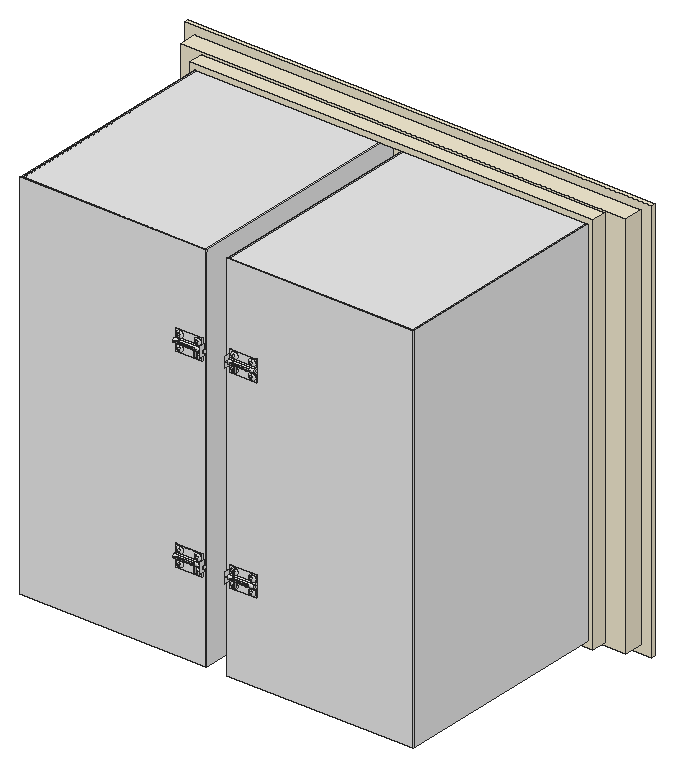
Revit family "4C-7_Door_High_Units_RL.rfa", category Specialty Equipment, host Wall, Revit 2016 (continued)
Definition of nested family "3700 Series 4C OM2 Configuration"
  Automatic sketch dimensions
    Extrusion 1 sketch curve to plane 13 "Face of Lock" = 0.12063"
    Extrusion 5 sketch curve to plane 11 "Center Lock Vertical" = 0.0293"
    plane 11 "Center Lock Vertical" to Extrusion 5 sketch curve = 0.0293"
    Extrusion 5 sketch curve to plane 9 = 0.30959"
    plane 9 to Extrusion 5 sketch curve = 0.30959"
    plane 16 "Left Stud Align" to Blend 6 sketch curve = 0.000"  (x2)
    Blend 6 sketch curve to plane 18 "Top Stud Align" = 0.000"  (x2)
    plane 17 "Right Stud Align" to Blend 7 sketch curve = 0.000"  (x2)
    Blend 7 sketch curve to plane 18 "Top Stud Align" = 0.000"  (x2)
    plane 16 "Left Stud Align" to Blend 8 sketch curve = 0.000"  (x2)
    Blend 8 sketch curve to plane 19 "Bottom Stud Align" = 0.000"  (x2)
    plane 17 "Right Stud Align" to Blend 9 sketch curve = 0.000"  (x2)
    Blend 9 sketch curve to plane 19 "Bottom Stud Align" = 0.000"  (x2)
    Blend 10 sketch curve to plane 18 "Top Stud Align" = 0.000"  (x2)
    plane 20 "Hinge Stud Align" to Blend 10 sketch curve = 0.000"  (x2)
    Blend 11 sketch curve to plane 19 "Bottom Stud Align" = 0.000"  (x2)
    plane 20 "Hinge Stud Align" to Blend 11 sketch curve = 0.000"  (x2)
    plane 24 to Extrusion 12 sketch curve = 0.000"
    Extrusion 12 sketch curve to plane 22 "Mail Plate Bottom" = 0.000"
    Extrusion 12 sketch curve to plane 21 "Mail Plate Top" = 0.000"
    plane 23 to Extrusion 12 sketch curve = 0.000"
    plane 24 to Extrusion 12 sketch curve = 0.19922"  (x2)
    plane 18 "Top Stud Align" to Extrusion 12 sketch curve = 0.14478"
    Extrusion 12 sketch curve to plane 23 = 0.19922"
    Extrusion 13 sketch curve to plane 5 "Right Side Face of Door" = 0.000"
    Extrusion 13 sketch curve to plane 4 "Left Side Face of Door" = 0.000"
    Extrusion 13 sketch curve to plane 6 "Back Face of Door" = 0.000"
    Extrusion 13 sketch curve to plane 7 "Front Face of Door" = 0.193"
    Extrusion 14 sketch curve to plane 30 "Bottom of Mail Slot" = 0.000"
    plane 32 "Right Edge of Mail Slot" to Extrusion 14 sketch curve = 0.375"
    Extrusion 14 sketch curve to plane 31 "Left Edge of Mail Slot" = 0.375"
    Extrusion 15 sketch curve to plane 35 = 0.000"
    Extrusion 15 sketch curve to plane 33 "Mail Slot Bottom Protusion" = 0.000"
    Extrusion 15 sketch curve to plane 34 = 0.000"
    Extrusion 15 sketch curve to plane 27 "Top of Mail Drop Divider" = 0.000"
    Extrusion 15 sketch curve to plane 6 "Back Face of Door" = 0.000"
    plane 26 "Top of Mail Drop Door" to Extrusion 15 sketch curve = 0.07158"
    Extrusion 15 sketch curve to plane 34 = 0.24578"
    plane 26 "Top of Mail Drop Door" to Extrusion 15 sketch curve = 0.09984"
    Extrusion 15 sketch curve to Extrusion 15 sketch curve = 0.01632"
    plane 37 to Extrusion 15 sketch curve = 0.05062"
    Extrusion 15 sketch curve to plane 33 "Mail Slot Bottom Protusion" = 0.01599"
    plane 33 "Mail Slot Bottom Protusion" to Extrusion 15 sketch curve = 0.01227"
    plane 36 "Front of Awning" to Extrusion 15 sketch curve = 0.17915"
    plane 35 to Extrusion 15 sketch curve = 0.02246"
    Extrusion 15 sketch curve to Extrusion 15 sketch curve = 0.0724"
    plane 36 "Front of Awning" to Extrusion 15 sketch curve = 0.04696"
    plane 36 "Front of Awning" to Extrusion 15 sketch curve = 0.02469"
    plane 36 "Front of Awning" to Extrusion 15 sketch curve = 0.00781"
    Extrusion 15 sketch curve to Extrusion 15 sketch curve = 0.05983"
    Extrusion 4 sketch curve to plane 9 = 0.000"
    plane 11 "Center Lock Vertical" to Extrusion 4 sketch curve = 0.000"
    Extrusion 3 sketch curve to plane 9 = 0.000"
    plane 11 "Center Lock Vertical" to Extrusion 3 sketch curve = 0.000"
    radius of Blend 6 sketch curve = 0.15665"
    radius of Blend 6 sketch curve = 0.3125"
    radius of Blend 7 sketch curve = 0.15665"
    radius of Blend 7 sketch curve = 0.3125"
    radius of Blend 8 sketch curve = 0.15665"
    radius of Blend 8 sketch curve = 0.3125"
    radius of Blend 9 sketch curve = 0.15665"
    radius of Blend 9 sketch curve = 0.3125"
    radius of Blend 10 sketch curve = 0.15665"
    radius of Blend 10 sketch curve = 0.3125"
    radius of Blend 11 sketch curve = 0.15665"
    radius of Blend 11 sketch curve = 0.3125"
    radius of Extrusion 4 sketch curve = 0.42913"
    radius of Extrusion 3 sketch curve = 0.4375"
Definition of nested family "4C Latch Lock-Right"
  Parameters (values of type "Lock Latch")
    Width = 1.750"
    Type Comments = "Lock Latch for Aluminum Mailboxes"
    Visible Latch = yes
    Manufacturer = "Salsbury Industries"
    Height = 1.375"
    Depth = 0.244"
    Back Enclosure Material = none
  Reference planes (in)
    plane 1 "Center (Front/Back)": y = 0
    plane 2 "left": z = 0
    plane 3 "Center (Left/Right)": x = 0
    plane 4 "top": x = -0.875
    plane 5 "bottom": x = 0.875
    plane 6 "Front": y = 0.122
    plane 7 "Back": y = -0.122
    plane 8 "Vertical Center": z = 0.6875
    plane 9 "right": z = 1.375
    plane 10: x = -1
    plane 11: x = -1.125
  Forms (in)
    Extrusion 1, solid, material <- "Back Enclosure Material", visible <- "Visible Latch"
      sketch origin (-0.67187, 0, 0.67188) x (0, 0, -1) y (0, 1, 0)
        loop
          line (-0.22131, -0.0902) -> (-0.70312, -0.0902) -> (-0.70312, -0.12209) -> (-0.22129, -0.12209)
          arc (-0.22129, -0.12209) -> (-0.1389, -0.08579) -> (-0.11009, -0.00048) r 0.11165
          arc (-0.11009, -0.00048) -> (-0.01599, 0.09362) -> (0.07812, -0.00048) r 0.09411
          arc (0.07812, -0.00048) -> (0.10866, -0.08591) -> (0.19189, -0.122) r 0.11401
          line (0.19189, -0.122) -> (0.67187, -0.122) -> (0.67187, -0.08954) -> (0.19205, -0.08954)
          arc (0.19205, -0.08954) -> (0.13091, -0.06294) -> (0.10869, -0.00006) r 0.08357
          arc (0.10869, -0.00006) -> (-0.01625, 0.12487) -> (-0.14118, -0.00006) r 0.12494
          arc (-0.14118, -0.00006) -> (-0.16101, -0.06312) -> (-0.22131, -0.0902) r 0.08069
      from -0.20313 to 1.54687
    Extrusion 2, void
      sketch origin (-0.86719, 0.122, 0.78906) x (0, 0, -1) y (1, 0, 0)
        loop
          line (0.02064, 1.43976) -> (0.02064, 0.31562) -> (0.29045, 0.31562) -> (0.29045, 0.47278) -> (0.12796, 0.47278) -> (0.12796, 1.28526) -> (0.27447, 1.28526) -> (0.27447, 1.43976) -> (0.02064, 1.43976)
      from -0.01091 to 0.1442
    Blend 3, solid, material <- "Back Enclosure Material", visible <- "Visible Latch"
      base sketch origin (-0.95312, 0.122, 0.96875) x (0, 0, -1) y (1, 0, 0)
        loop
          circle (-0.1252, 1.55349) r 0.1
      top sketch origin (-0.95312, 0.122, 0.96875) x (0, 0, -1) y (1, 0, 0)
        loop
          circle (-0.1252, 1.55349) r 0.215
      from 0.16742 to 0.21154
    Blend 4, solid, material <- "Back Enclosure Material", visible <- "Visible Latch"
      base sketch origin (-0.95312, 0.122, -0.54015) x (0, 0, -1) y (1, 0, 0)
        loop
          circle (-0.8037, 1.55349) r 0.1
      top sketch origin (-0.95312, 0.122, -0.54015) x (0, 0, -1) y (1, 0, 0)
        loop
          circle (-0.8037, 1.55349) r 0.215
      from 0.16742 to 0.21154
    Blend 5, solid, material <- "Back Enclosure Material", visible <- "Visible Latch"
      base sketch origin (-1.95312, 0.122, 0.96875) x (0, 0, -1) y (1, 0, 0)
        loop
          circle (-0.1252, 1.36599) r 0.1
      top sketch origin (-1.95312, 0.122, 0.96875) x (0, 0, -1) y (1, 0, 0)
        loop
          circle (-0.1252, 1.36599) r 0.215
      from 0.16742 to 0.21154
    Blend 6, solid, material <- "Back Enclosure Material", visible <- "Visible Latch"
      base sketch origin (-1.95312, 0.122, -0.55578) x (0, 0, -1) y (1, 0, 0)
        loop
          circle (-0.8037, 1.36599) r 0.1
      top sketch origin (-1.95312, 0.122, -0.55578) x (0, 0, -1) y (1, 0, 0)
        loop
          circle (-0.8037, 1.36599) r 0.215
      from 0.16742 to 0.21154
    Extrusion 7, solid, material <- "Back Enclosure Material", visible <- "Visible Latch"
      sketch origin (-1.22585, -7.77812, 0.87452) x (0, 0, -1) y (0, 1, 0)
        loop
          circle (0.18702, 7.77784) r 0.09014
      from 0.10085 to 2.10085
    Extrusion 8, solid, material <- "Back Enclosure Material", visible <- "Visible Latch"
      sketch origin (-0.59584, -7.78798, 0.67188) x (1, 0, 0) y (0, 1, 0)
        loop
          circle (0.12087, 7.81979) r 0.05
      from 0.01562 to -0.5
    Extrusion 9, solid, material <- "Back Enclosure Material", visible <- "Visible Latch"
      sketch origin (-1.09375, -0.02845, 1.02999) x (0, 0, -1) y (1, 0, 0)
        loop
          line (0.68574, 0.09375) -> (0.68574, 0.12475) -> (-0.00176, 0.12475) -> (-0.00176, 0.09375) -> (0.68574, 0.09375)
      from -0.25 to 0.09355
    Extrusion 10, void
      sketch origin (-0.969, -7.77845, 0.87437) x (0, 0, -1) y (0, -1, 0)
        loop
          circle (0.18637, -7.77776) r 0.09325
      from 0 to 0.031
  Cuts and joins
    Extrusion 2 cuts Extrusion 1
    Extrusion 10 cuts Extrusion 9
  Dimensions and locks (in)
    equal spacing: plane 7 "Back", plane 1 "Center (Front/Back)", plane 6 "Front"
    "Depth": plane 7 "Back" to plane 6 "Front"
    equal spacing: plane 4 "top", plane 3 "Center (Left/Right)", plane 5 "bottom"
    "Width": plane 4 "top" to plane 5 "bottom"
    equal spacing: plane 9 "right", plane 8 "Vertical Center", plane 2 "left"
    "Height": plane 9 "right" to plane 2 "left"
    plane 10 to plane 4 "top" = 0.125"
    plane 11 to plane 4 "top" = 0.250"
    plane 10 to plane 11 = 0.125"
    aligned and locked: level to plane 2 "left"
  Automatic sketch dimensions
    Extrusion 1 sketch curve to plane 7 "Back" = 0.000"
    Extrusion 1 sketch curve to plane 7 "Back" = 0.0318"
    plane 9 "right" to Extrusion 1 sketch curve = 0.000"
    Extrusion 1 sketch curve to plane 8 "Vertical Center" = 0.20569"
    plane 7 "Back" to Extrusion 1 sketch curve = 0.00009"
    Extrusion 1 sketch curve to plane 8 "Vertical Center" = 0.20567"
    plane 1 "Center (Front/Back)" to Extrusion 1 sketch curve = 0.00006"
    Extrusion 1 sketch curve to plane 8 "Vertical Center" = 0.00062"
    Extrusion 1 sketch curve to Extrusion 1 sketch curve = 0.00026"
    Extrusion 1 sketch curve to Extrusion 1 sketch curve = 0.20788"
    Extrusion 1 sketch curve to Extrusion 1 sketch curve = 0.00016"
    Extrusion 1 sketch curve to level = 0.000"
    Extrusion 1 sketch curve to plane 7 "Back" = 0.03246"
    plane 1 "Center (Front/Back)" to Extrusion 1 sketch curve = 0.01045"
    Extrusion 1 sketch curve to Extrusion 1 sketch curve = 0.00094"
    Extrusion 1 sketch curve to Extrusion 1 sketch curve = 0.00201"
    Extrusion 2 sketch curve to plane 8 "Vertical Center" = 0.08092"
    plane 5 "bottom" to Extrusion 2 sketch curve = 0.45693"
    plane 8 "Vertical Center" to Extrusion 2 sketch curve = 0.0264"
    Extrusion 2 sketch curve to Extrusion 2 sketch curve = 0.16249"
    Extrusion 2 sketch curve to Extrusion 2 sketch curve = 0.14651"
    Extrusion 2 sketch curve to plane 3 "Center (Left/Right)" = 0.3944"
    Extrusion 2 sketch curve to plane 4 "top" = 0.32343"
    plane 5 "bottom" to Extrusion 2 sketch curve = 0.30243"
    plane 5 "bottom" to Blend 3 sketch curve = 0.27463"  (x2)
    Blend 3 sketch curve to plane 8 "Vertical Center" = 0.40645"  (x2)
    plane 5 "bottom" to Blend 4 sketch curve = 0.27463"  (x2)
    level to Blend 4 sketch curve = 0.26355"  (x2)
    Blend 5 sketch curve to plane 8 "Vertical Center" = 0.40645"  (x2)
    Blend 5 sketch curve to plane 3 "Center (Left/Right)" = 0.58713"  (x2)
    level to Blend 6 sketch curve = 0.24792"  (x2)
    Blend 6 sketch curve to plane 3 "Center (Left/Right)" = 0.58713"  (x2)
    plane 1 "Center (Front/Back)" to Extrusion 7 sketch curve = 0.00028"
    plane 8 "Vertical Center" to Extrusion 7 sketch curve = 0.000"
    Extrusion 8 sketch curve to plane 1 "Center (Front/Back)" = 0.03181"
    Extrusion 8 sketch curve to plane 4 "top" = 0.40003"
    Extrusion 9 sketch curve to plane 8 "Vertical Center" = 0.34425"
    level to Extrusion 9 sketch curve = 0.34425"
    plane 4 "top" to Extrusion 9 sketch curve = 0.125"
    Extrusion 9 sketch curve to Extrusion 9 sketch curve = 0.031"
    plane 1 "Center (Front/Back)" to Extrusion 10 sketch curve = 0.0007"
    Extrusion 10 sketch curve to plane 8 "Vertical Center" = 0.0005"
    radius of Blend 3 sketch curve = 0.100"
    radius of Blend 3 sketch curve = 0.215"
    radius of Blend 4 sketch curve = 0.100"
    radius of Blend 4 sketch curve = 0.215"
    radius of Blend 5 sketch curve = 0.100"
    radius of Blend 5 sketch curve = 0.215"
    radius of Blend 6 sketch curve = 0.100"
    radius of Blend 6 sketch curve = 0.215"
    radius of Extrusion 7 sketch curve = 0.09014"
    radius of Extrusion 8 sketch curve = 0.050"
    radius of Extrusion 10 sketch curve = 0.09325"
Definition of nested family "4C Latch Lock-Left"
  Parameters (values of type "Lock Latch")
    Width = 1.750"
    Type Comments = "Lock Latch for Aluminum Mailboxes"
    Visible Latch = yes
    Manufacturer = "Salsbury Industries"
    Height = 1.375"
    Depth = 0.244"
    Back Enclosure Material = none
  Reference planes (in)
    plane 1 "Center (Front/Back)": y = 0
    plane 2 "left": z = 0
    plane 3 "Center (Left/Right)": x = 0
    plane 4 "top": x = -0.875
    plane 5 "bottom": x = 0.875
    plane 6 "Front": y = 0.122
    plane 7 "Back": y = -0.122
    plane 8 "Vertical Center": z = 0.6875
    plane 9 "right": z = 1.375
    plane 10: x = 1
    plane 11: x = 1.125
  Forms (in)
    Extrusion 1, solid, material <- "Back Enclosure Material", visible <- "Visible Latch"
      sketch origin (-0.67187, 0, 0.67188) x (0, 0, -1) y (0, 1, 0)
        loop
          line (-0.22131, -0.0902) -> (-0.70312, -0.0902) -> (-0.70312, -0.12209) -> (-0.22129, -0.12209)
          arc (-0.22129, -0.12209) -> (-0.1389, -0.08579) -> (-0.11009, -0.00048) r 0.11165
          arc (-0.11009, -0.00048) -> (-0.01599, 0.09362) -> (0.07812, -0.00048) r 0.09411
          arc (0.07812, -0.00048) -> (0.10866, -0.08591) -> (0.19189, -0.122) r 0.11401
          line (0.19189, -0.122) -> (0.67187, -0.122) -> (0.67187, -0.08954) -> (0.19205, -0.08954)
          arc (0.19205, -0.08954) -> (0.13091, -0.06294) -> (0.10869, -0.00006) r 0.08357
          arc (0.10869, -0.00006) -> (-0.01625, 0.12487) -> (-0.14118, -0.00006) r 0.12494
          arc (-0.14118, -0.00006) -> (-0.16101, -0.06312) -> (-0.22131, -0.0902) r 0.08069
      from -0.20313 to 1.54687
    Extrusion 2, void
      sketch origin (-0.86719, 0.122, 0.78906) x (0, 0, -1) y (1, 0, 0)
        loop
          line (0.02064, 1.43976) -> (0.02064, 0.31562) -> (0.29045, 0.31562) -> (0.29045, 0.47278) -> (0.12796, 0.47278) -> (0.12796, 1.28526) -> (0.27447, 1.28526) -> (0.27447, 1.43976) -> (0.02064, 1.43976)
      from -0.01091 to 0.1442
    Blend 3, solid, material <- "Back Enclosure Material", visible <- "Visible Latch"
      base sketch origin (-0.95312, 0.122, 0.96875) x (0, 0, -1) y (1, 0, 0)
        loop
          circle (-0.1252, 1.55349) r 0.1
      top sketch origin (-0.95312, 0.122, 0.96875) x (0, 0, -1) y (1, 0, 0)
        loop
          circle (-0.1252, 1.55349) r 0.215
      from 0.16742 to 0.21154
    Blend 4, solid, material <- "Back Enclosure Material", visible <- "Visible Latch"
      base sketch origin (-0.95312, 0.122, -0.54015) x (0, 0, -1) y (1, 0, 0)
        loop
          circle (-0.8037, 1.55349) r 0.1
      top sketch origin (-0.95312, 0.122, -0.54015) x (0, 0, -1) y (1, 0, 0)
        loop
          circle (-0.8037, 1.55349) r 0.215
      from 0.16742 to 0.21154
    Blend 5, solid, material <- "Back Enclosure Material", visible <- "Visible Latch"
      base sketch origin (-1.95312, 0.122, 0.96875) x (0, 0, -1) y (1, 0, 0)
        loop
          circle (-0.1252, 1.36599) r 0.1
      top sketch origin (-1.95312, 0.122, 0.96875) x (0, 0, -1) y (1, 0, 0)
        loop
          circle (-0.1252, 1.36599) r 0.215
      from 0.16742 to 0.21154
    Blend 6, solid, material <- "Back Enclosure Material", visible <- "Visible Latch"
      base sketch origin (-1.95312, 0.122, -0.55578) x (0, 0, -1) y (1, 0, 0)
        loop
          circle (-0.8037, 1.36599) r 0.1
      top sketch origin (-1.95312, 0.122, -0.55578) x (0, 0, -1) y (1, 0, 0)
        loop
          circle (-0.8037, 1.36599) r 0.215
      from 0.16742 to 0.21154
    Extrusion 7, solid, material <- "Back Enclosure Material", visible <- "Visible Latch"
      sketch origin (-1.22585, -7.77812, 0.87452) x (0, 0, -1) y (0, 1, 0)
        loop
          circle (0.18702, 7.77784) r 0.09014
      from 0.35085 to 2.35085
    Extrusion 8, solid, material <- "Back Enclosure Material", visible <- "Visible Latch"
      sketch origin (0.37291, -7.78798, 0.67188) x (1, 0, 0) y (0, 1, 0)
        loop
          circle (0.12087, 7.81979) r 0.05
      from 0.01562 to -0.5
    Extrusion 9, solid, material <- "Back Enclosure Material", visible <- "Visible Latch"
      sketch origin (0.87525, -0.02845, 1.02999) x (0, 0, -1) y (1, 0, 0)
        loop
          line (0.68574, 0.09375) -> (0.68574, 0.12475) -> (-0.00176, 0.12475) -> (-0.00176, 0.09375) -> (0.68574, 0.09375)
      from -0.25 to 0.09355
    Extrusion 10, void
      sketch origin (1, -7.77845, 0.87437) x (0, 0, -1) y (0, -1, 0)
        loop
          circle (0.18637, -7.77776) r 0.09325
      from 0 to 0.031
  Cuts and joins
    Extrusion 2 cuts Extrusion 1
    Extrusion 10 cuts Extrusion 9
  Dimensions and locks (in)
    equal spacing: plane 7 "Back", plane 1 "Center (Front/Back)", plane 6 "Front"
    "Depth": plane 7 "Back" to plane 6 "Front"
    equal spacing: plane 4 "top", plane 3 "Center (Left/Right)", plane 5 "bottom"
    "Width": plane 4 "top" to plane 5 "bottom"
    equal spacing: plane 9 "right", plane 8 "Vertical Center", plane 2 "left"
    "Height": plane 9 "right" to plane 2 "left"
    plane 4 "top" to plane 10 = 1.875"
    plane 5 "bottom" to plane 11 = 0.250"
    plane 11 to plane 10 = 0.125"
    aligned and locked: level to plane 2 "left"
  Automatic sketch dimensions
    Extrusion 1 sketch curve to plane 7 "Back" = 0.000"
    Extrusion 1 sketch curve to plane 7 "Back" = 0.0318"
    plane 9 "right" to Extrusion 1 sketch curve = 0.000"
    Extrusion 1 sketch curve to plane 8 "Vertical Center" = 0.20569"
    plane 7 "Back" to Extrusion 1 sketch curve = 0.00009"
    Extrusion 1 sketch curve to plane 8 "Vertical Center" = 0.20567"
    plane 1 "Center (Front/Back)" to Extrusion 1 sketch curve = 0.00006"
    Extrusion 1 sketch curve to plane 8 "Vertical Center" = 0.00062"
    Extrusion 1 sketch curve to Extrusion 1 sketch curve = 0.00026"
    Extrusion 1 sketch curve to Extrusion 1 sketch curve = 0.20788"
    Extrusion 1 sketch curve to Extrusion 1 sketch curve = 0.00016"
    Extrusion 1 sketch curve to level = 0.000"
    Extrusion 1 sketch curve to plane 7 "Back" = 0.03246"
    plane 1 "Center (Front/Back)" to Extrusion 1 sketch curve = 0.01045"
    Extrusion 1 sketch curve to Extrusion 1 sketch curve = 0.00094"
    Extrusion 1 sketch curve to Extrusion 1 sketch curve = 0.00201"
    Extrusion 2 sketch curve to plane 8 "Vertical Center" = 0.08092"
    plane 5 "bottom" to Extrusion 2 sketch curve = 0.45693"
    plane 8 "Vertical Center" to Extrusion 2 sketch curve = 0.0264"
    Extrusion 2 sketch curve to Extrusion 2 sketch curve = 0.16249"
    Extrusion 2 sketch curve to Extrusion 2 sketch curve = 0.14651"
    Extrusion 2 sketch curve to plane 3 "Center (Left/Right)" = 0.3944"
    Extrusion 2 sketch curve to plane 4 "top" = 0.32343"
    plane 5 "bottom" to Extrusion 2 sketch curve = 0.30243"
    plane 5 "bottom" to Blend 3 sketch curve = 0.27463"  (x2)
    Blend 3 sketch curve to plane 8 "Vertical Center" = 0.40645"  (x2)
    plane 5 "bottom" to Blend 4 sketch curve = 0.27463"  (x2)
    level to Blend 4 sketch curve = 0.26355"  (x2)
    Blend 5 sketch curve to plane 8 "Vertical Center" = 0.40645"  (x2)
    Blend 5 sketch curve to plane 3 "Center (Left/Right)" = 0.58713"  (x2)
    level to Blend 6 sketch curve = 0.24792"  (x2)
    Blend 6 sketch curve to plane 3 "Center (Left/Right)" = 0.58713"  (x2)
    plane 1 "Center (Front/Back)" to Extrusion 7 sketch curve = 0.00028"
    plane 8 "Vertical Center" to Extrusion 7 sketch curve = 0.000"
    Extrusion 8 sketch curve to plane 1 "Center (Front/Back)" = 0.03181"
    Extrusion 8 sketch curve to plane 4 "top" = 1.36878"
    Extrusion 9 sketch curve to plane 8 "Vertical Center" = 0.34425"
    level to Extrusion 9 sketch curve = 0.34425"
    Extrusion 9 sketch curve to plane 4 "top" = 1.844"
    Extrusion 9 sketch curve to Extrusion 9 sketch curve = 0.031"
    plane 1 "Center (Front/Back)" to Extrusion 10 sketch curve = 0.0007"
    Extrusion 10 sketch curve to plane 8 "Vertical Center" = 0.0005"
    radius of Blend 3 sketch curve = 0.100"
    radius of Blend 3 sketch curve = 0.215"
    radius of Blend 4 sketch curve = 0.100"
    radius of Blend 4 sketch curve = 0.215"
    radius of Blend 5 sketch curve = 0.100"
    radius of Blend 5 sketch curve = 0.215"
    radius of Blend 6 sketch curve = 0.100"
    radius of Blend 6 sketch curve = 0.215"
    radius of Extrusion 7 sketch curve = 0.09014"
    radius of Extrusion 8 sketch curve = 0.050"
    radius of Extrusion 10 sketch curve = 0.09325"
Types (7): name | Width | Vertical Center Divider | Type Comments | Right Inside Wall | Model | Left Inside Wall | Latch Locks - Left Side | Latch Alignment | Door Slot R7 Number | Door Slot R7 | Door Slot R6 Number | Door Slot R6 | Door Slot R5 Number | Door Slot R5 | Door Slot R4 | Door Slot R2 Number | Door Slot R2 | Door Slot R1 Number | Door Slot R1 | Door Slot L7 Number | Door Slot L7 | Door Slot L6 Number | Door Slot L6 | Door Slot L5 Number | Door Slot L5 | Door Slot L4 Number | Door Slot L4 | Door Slot L3 Number | Door Slot L3 | Door Slot L2 Number | Door Slot L2 | Door Slot L1 Number | Door Slot L1 | Description | Center Extrusion Offset | Above Finished Floor (AFF-Bottom of Unit) | Above Finished Floor (AFF-Bottom of Door)
  3707D-03 RL | 31.09766" | yes | "4C Standard Horizontal Mailbox - Rear Loading" | yes | "3707D-03 RL" | yes | yes | 14.85742" | "3" | 3700 Series 4C Door Configurations : MB3 Door w/ Divider | "0" | 3700 Series 4C Door Configurations : Empty | "0" | 3700 Series 4C Door Configurations : Empty | 3700 Series 4C OM2 Configuration : OM2-RL | "2" | 3700 Series 4C Door Configurations : MB2 Door | "0" | 3700 Series 4C Door Configurations : Empty | "1P" | 3700 Series 4C Parcel Configurations : PL5 w/ Divider | "0" | 3700 Series 4C Door Configurations : Empty | "0" | 3700 Series 4C Door Configurations : Empty | "0" | 3700 Series 4C Door Configurations : Empty | "0" | 3700 Series 4C Door Configurations : Empty | "1" | 3700 Series 4C Door Configurations : MB2 Door | "0" | 3700 Series 4C Door Configurations : Empty | "7 Door High Unit: 2 MB2, 1 MB3, 1 PL5, OM2" | 0.000" | 26.683" | 28.000"
  3707D-05 RL | 31.09766" | yes | "4C Standard Horizontal Mailbox - Rear Loading" | yes | "3707D-05 RL" | yes | yes | 14.85742" | "5" | 3700 Series 4C Door Configurations : MB3 Door w/ Divider | "0" | 3700 Series 4C Door Configurations : Empty | "0" | 3700 Series 4C Door Configurations : Empty | 3700 Series 4C OM2 Configuration : OM2-RL | "4" | 3700 Series 4C Door Configurations : MB2 Door | "0" | 3700 Series 4C Door Configurations : Empty | "3" | 3700 Series 4C Door Configurations : MB3 Door w/ Divider | "0" | 3700 Series 4C Door Configurations : Empty | "0" | 3700 Series 4C Door Configurations : Empty | "2" | 3700 Series 4C Door Configurations : MB2 Door w/ Divider | "0" | 3700 Series 4C Door Configurations : Empty | "1" | 3700 Series 4C Door Configurations : MB2 Door | "0" | 3700 Series 4C Door Configurations : Empty | "7 Door High Unit: 3 MB2, 2 MB3, OM2" | 0.000" | 26.683" | 28.000"
  3707D-06 RL | 31.09766" | yes | "4C Standard Horizontal Mailbox - Rear Loading" | yes | "3707D-06 RL" | yes | yes | 14.85742" | "6" | 3700 Series 4C Door Configurations : MB1 Door w/ Divider | "5" | 3700 Series 4C Door Configurations : MB1 Door w/ Divider | "4" | 3700 Series 4C Door Configurations : MB1 Door w/ Divider | 3700 Series 4C OM2 Configuration : OM2-RL | "3" | 3700 Series 4C Door Configurations : MB1 Door w/ Divider | "2" | 3700 Series 4C Door Configurations : MB1 Door | "1P" | 3700 Series 4C Parcel Configurations : PL6 w/ Divider | "0" | 3700 Series 4C Door Configurations : Empty | "0" | 3700 Series 4C Door Configurations : Empty | "0" | 3700 Series 4C Door Configurations : Empty | "0" | 3700 Series 4C Door Configurations : Empty | "0" | 3700 Series 4C Door Configurations : Empty | "1" | 3700 Series 4C Door Configurations : MB1 Door | "7 Door High Unit: 6 MB1, 1 PL6, OM2" | 0.000" | 26.683" | 28.000"
  3707D-12 RL | 31.09766" | yes | "4C Standard Horizontal Mailbox - Rear Loading" | yes | "3707D-12 RL" | yes | yes | 14.85742" | "12" | 3700 Series 4C Door Configurations : MB1 Door w/ Divider | "11" | 3700 Series 4C Door Configurations : MB1 Door w/ Divider | "10" | 3700 Series 4C Door Configurations : MB1 Door w/ Divider | 3700 Series 4C OM2 Configuration : OM2-RL | "9" | 3700 Series 4C Door Configurations : MB1 Door w/ Divider | "8" | 3700 Series 4C Door Configurations : MB1 Door | "7" | 3700 Series 4C Door Configurations : MB1 Door w/ Divider | "6" | 3700 Series 4C Door Configurations : MB1 Door w/ Divider | "5" | 3700 Series 4C Door Configurations : MB1 Door w/ Divider | "4" | 3700 Series 4C Door Configurations : MB1 Door w/ Divider | "3" | 3700 Series 4C Door Configurations : MB1 Door w/ Divider | "2" | 3700 Series 4C Door Configurations : MB1 Door w/ Divider | "1" | 3700 Series 4C Door Configurations : MB1 Door | "7 Door High Unit: 12 MB1, OM2" | 0.000" | 26.683" | 28.000"
  3707S-05 RL | 16.34375" | no | "4C Standard Horizontal Mailbox - Rear Loading" | no | "3707S-05 RL" | no | no | 13.876" | "5" | 3700 Series 4C Door Configurations : MB1 Door w/ Divider | "4" | 3700 Series 4C Door Configurations : MB1 Door w/ Divider | "3" | 3700 Series 4C Door Configurations : MB1 Door w/ Divider | 3700 Series 4C OM2 Configuration : OM2-RL | "2" | 3700 Series 4C Door Configurations : MB1 Door w/ Divider | "1" | 3700 Series 4C Door Configurations : MB1 Door | "0" | 3700 Series 4C Door Configurations : Empty | "0" | 3700 Series 4C Door Configurations : Empty | "0" | 3700 Series 4C Door Configurations : Empty | "0" | 3700 Series 4C Door Configurations : Empty | "0" | 3700 Series 4C Door Configurations : Empty | "0" | 3700 Series 4C Door Configurations : Empty | "0" | 3700 Series 4C Door Configurations : Empty | "7 Door High Unit: 5 MB1, OM2" | 48.000" | 26.683" | 28.000"
  3707S-1B RL | 16.34375" | no | "4C Horizontal Receptacle Bin - Rear Loading" | no | "3707S-1B RL" | no | no | 13.876" | "0" | 4C-7 Door High Receptacle : 4C-7 Door High Receptacle | "0" | 3700 Series 4C Door Configurations : Empty | "0" | 3700 Series 4C Door Configurations : Empty | 3700 Series 4C Door Configurations : Empty | "0" | 3700 Series 4C Door Configurations : Empty | "0" | 3700 Series 4C Door Configurations : Empty | "0" | 3700 Series 4C Door Configurations : Empty | "0" | 3700 Series 4C Door Configurations : Empty | "0" | 3700 Series 4C Door Configurations : Empty | "0" | 3700 Series 4C Door Configurations : Empty | "0" | 3700 Series 4C Door Configurations : Empty | "0" | 3700 Series 4C Door Configurations : Empty | "0" | 3700 Series 4C Door Configurations : Empty | "7 Door High Unit - 1 Receptacle Bin" | 48.000" | 13.683" | 15.000"
  3707S-1P RL | 16.34375" | no | "4C Standard Horizontal Mailbox - Rear Loading" | no | "3707S-1P RL" | no | no | 13.876" | "1P" | 3700 Series 4C Parcel Configurations : PL5 w/ Divider | "0" | 3700 Series 4C Door Configurations : Empty | "0" | 3700 Series 4C Door Configurations : Empty | 3700 Series 4C Door Configurations : Empty | "0" | 3700 Series 4C OM2 Configuration : OM2-RL | "0" | 3700 Series 4C Door Configurations : Empty | "0" | 3700 Series 4C Door Configurations : Empty | "0" | 3700 Series 4C Door Configurations : Empty | "0" | 3700 Series 4C Door Configurations : Empty | "0" | 3700 Series 4C Door Configurations : Empty | "0" | 3700 Series 4C Door Configurations : Empty | "0" | 3700 Series 4C Door Configurations : Empty | "0" | 3700 Series 4C Door Configurations : Empty | "7 Door High Unit: 1 PL5, OM2" | 48.000" | 13.683" | 15.000"
